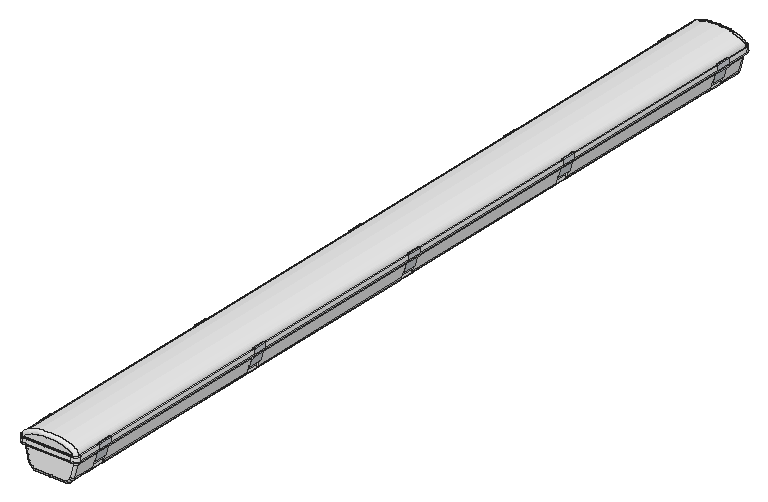
Revit family "0048627 Feilo Sylvania Lighting Fixture SRT WTRPRF LED G3 1500MM T 4K MW", category Lighting Fixtures, host Face, Revit 2016
Family settings
  Host = Face
  Part Type = Normal
  Round Connector Dimension = Use Diameter
  OmniClass Number = 23.80.70.11.14
  OmniClass Title = General Luminaries, Directional
  Cut with Voids When Loaded = No
  Light Source = Yes
  Shared = No
  Room Calculation Point = No
Parameters (values of type "0048627 SRT WTRPRF LED G3 1500MM T 4K MW")
  Width = 110 mm
  Weight = "2.45 kg"
  Wattage Comments = "n/a"
  Wattage = 61 W
  WarrantyStartDate [instance] = "n/a"
  WarrantyGuarantorParts = "n/a"
  WarrantyDurationUnit = "n/a"
  WarrantyDurationParts = "n/a"
  WarrantyDescription = "n/a"
  built-in parameter 1150110 = 1 (stored number, unit not read)
  Voltage = 230 V
  URL = "http://www.sylvania-lighting.com"
  TypeName = "SRT WTRPRF LED G3 1500MM T 4K MW"
  Type Image = <None>
  Type Comments = "n/a"
  built-in parameter 1114217 = 1 (stored number, unit not read)
  Tilt Angle = -90.00°
  built-in parameter 1150109 = 1 (stored number, unit not read)
  built-in parameter 1150134 = 12
  built-in parameter 1150113 = 1 (stored number, unit not read)
  SerialNumber [instance] = "n/a"
  ReflectorMaterial = none
  PowerFactor = 0
  PowerConsumption = "61 W"
  Photometric Web File = "0048627.ies"
  NominalWidth = 0 mm
  NominalLength = 1578 mm
  NominalHeight = 78 mm
  Name = "SRT WTRPRF LED G3 1500MM T 4K MW"
  ModelReference = "SRT WTRPRF LED G3 1500MM T 4K MW"
  ModelNumber = "0048627"
  Model = "SRT WTRPRF LED G3 1500MM T 4K MW"
  Material = "polycarbonate housing, polycarbonate diffuser"
  ManufacturerName = "Feilo Sylvania"
  Manufacturer = "Feilo Sylvania"
  LuminousEfficacy = "120 lm/W"
  built-in parameter 1150105 = 582.51 (stored number, unit not read)
  Lumens = 7320 lm
  LuminaireType = ""
  built-in parameter 1150115 = 1 (stored number, unit not read)
  LightOutputRatio = "n/a"
  built-in parameter 1150137 = (empty or 0)
  built-in parameter 1150139 = (empty or 0)
  Length = 1572 mm
  LampsType = Lamp  # "LED"
  LampNominalLuminous = "7300 lm"
  LampMacAdamStep = "3"
  LampColourTemperature = "4000 K"
  LampColourRenderingIndex = "80"
  built-in parameter 1150112 = 1 (stored number, unit not read)
  built-in parameter 1150114 = 1 (stored number, unit not read)
  Lamp = "LED"
  Keynote = "16500"
  InstallationDate [instance] = "n/a"
  InputVoltage = "220-240V~"
  InputNominalFrequency = "50/60 Hz"
  built-in parameter 1150132 = (empty or 0)
  built-in parameter 1150102 = (empty or 0)
  built-in parameter 1150107 = 4000 (stored number, unit not read)
  built-in parameter 1150138 = (empty or 0)
  IngressProtection = "IP65"
  ImpactProtectionIndex = "IK08"
  built-in parameter 1150106 = 5.8251 (stored number, unit not read)
  IfcExportType = "IfcLightFixtureType"
  IfcExportAs = "IfcLightFixtureType"
  ExpectedLife = 50000
  Emit from Rectangle Width = Width - 20 mm  # 90 mm
  Emit from Rectangle Length = Length - 20 mm  # 1552 mm
  Emit Shape Visible in Rendering = no
  ElectricShockClassification = "Class I"
  built-in parameter 1150104 = 11.148 (stored number, unit not read)
  DurationUnit = "hours"
  DocumentationLiterature = "http://www.sylvania-lighting.com/product/en-int/products/0048627"
  DimmingControlOptions = "Non dimmable"
  Dimming Lamp Color Temperature Shift = <None>
  DiffuserMaterial = Diffuser-Sylvania-Transparent
  Description = "Start Waterproof, integrated LED weatherporof luminaire, with UV stabilized flat diffuser and linear prisms designed to achieve uniform lit appearance, optimise light output and to reduce glare, stainless steel diffuser clips and fixing brackets for surface mounting. Polycarbonate housing, Polycarbonate diffuser, 7300lm, 61W, 120lm/W, 4000K, drive current 1050mA, MW On/Off,  CRI80, IP65, IK08, Class I,  nominal average life (h):50000, 1578mm x 110mm x 78mm ,energy class: A++ A+ A"
  Default Elevation = 1219.2 mm
  CreatedOn = "3/27/2018"
  CreatedBy = "aron.fodor@feilosylvania.com"
  Cost = 0
  Color Filter = 16777215
  built-in parameter 1114216 [instance] = (empty or 0)
  ClassificationValue = "EF_70_80"
  ClassificationName = "Uniclass2015"
  BodyMaterial = Body-Sylvania-Gray
  BarCode [instance] = "n/a"
  built-in parameter 1114218 = 1 (stored number, unit not read)
  built-in parameter 1150133 = 10 (stored number, unit not read)
  AssetType = "Fixed"
  AssetIdentifier [instance] = "n/a"
  Assembly Code = "D5020200"
  Apparent Load = 61 VA
  AccessoryMaterial = Diffuser-Sylvania-Glow
Reference planes
  plane 1 "Center (Front/Back)": y = 0
  plane 2: z = 0
  plane 3 "Center (Left/Right)": x = 0
  plane 4: z = 54
  plane 5: x = -27.7
  plane 6: x = -34.8
  plane 7: x = -39.6
  plane 8: x = -42.2
  plane 9: z = 3
  plane 10: z = 7.8
  plane 11: z = 12.3
  plane 12: z = 36.6
  plane 13: z = 42.8
  plane 14: x = -51.1
  plane 15: z = 46.2
  plane 16: x = -55
  plane 17: y = 786
  plane 18: y = -786
  plane 19: x = 27.7
  plane 20: x = 34.8
  plane 21: x = 39.6
  plane 22: x = 42.2
  plane 23: x = 51.1
  plane 24: x = 55
  plane 25: y = 778.4
  plane 26: y = -778.4
  plane 27: y = -774.7
  plane 28: y = 774.7
  plane 29: z = 74
  plane 30: x = -51.5
  plane 31: x = 51.5
  plane 32: z = 55.2
  plane 33: y = -782.5
  plane 34: y = 782.5
  plane 35: x = -37.5
  plane 36: x = 37.5
  plane 37: x = -48.7
  plane 38: x = 48.7
  plane 39: x = 18
  plane 40: x = -18
  plane 41: z = 50.2
  plane 42: z = 24.6
  plane 43: y = 720
  plane 44: y = 706
  plane 45: y = 734
  plane 46: y = -720
  plane 47: y = 720
  plane 48: y = 706
  plane 49: y = 734
  plane 50: y = -720
  plane 51: y = -734
  plane 52: y = -706
  plane 53: y = 360
  plane 54: y = 346
  plane 55: y = 374
  plane 56: y = 0
  plane 57: y = -14
  plane 58: y = 14
  plane 59: y = -360
  plane 60: y = -374
  plane 61: y = -346
Forms (mm)
  Sweep 1, solid, material "Body-Sylvania-Gray" <- "BodyMaterial", detail levels medium+fine
    path origin (1223.4, -4572, 54) x (0, -1, 0) y (1, 0, 0)
      loop
        arc (-3796, -1278.4) -> (-3788.929, -1275.471) -> (-3786, -1268.4) r 10
        line (-3786, -1268.4) -> (-3786, -1178.4)
        arc (-3786, -1178.4) -> (-3788.929, -1171.329) -> (-3796, -1168.4) r 10
        line (-3796, -1168.4) -> (-5348, -1168.4)
        arc (-5348, -1168.4) -> (-5355.071, -1171.329) -> (-5358, -1178.4) r 10
        line (-5358, -1178.4) -> (-5358, -1268.4)
        arc (-5358, -1268.4) -> (-5355.071, -1275.471) -> (-5348, -1278.4) r 10
        line (-5348, -1278.4) -> (-3796, -1278.4)
    profile origin (-55, 0, 54) x (-1, 0, 0) y (0, 0, 1)
      loop
        line (0, 0) -> (-1, 0) -> (-1, -7.726)
        arc (-1, -7.726) -> (-1.994, -9.498) -> (-3.9, -10.2) r 2.937
        line (-3.9, -10.2) -> (-8.571, -10.2) -> (-8.571, -11.2) -> (-3.9, -11.2)
        arc (-3.9, -11.2) -> (-1.313, -10.231) -> (0, -7.8) r 3.937
        line (0, -7.8) -> (0, 0)
  Sweep 2, solid, material "Body-Sylvania-Gray" <- "BodyMaterial", detail levels medium+fine
    path origin (0, 0, 0) x (1, 0, 0) y (0, 0, 1)
      loop
        line (48.7, 42.8) -> (48.7, 36.6) -> (42.203, 12.31)
        arc (42.203, 12.31) -> (41.199, 9.884) -> (39.6, 7.8) r 10.052
        line (39.6, 7.8) -> (34.8, 3)
        arc (34.8, 3) -> (31.554, 0.781) -> (27.7, 0) r 9.902
        line (27.7, 0) -> (0, 0) -> (-27.7, 0)
        arc (-27.7, 0) -> (-31.554, 0.781) -> (-34.8, 3) r 9.902
        line (-34.8, 3) -> (-39.6, 7.8)
        arc (-39.6, 7.8) -> (-41.199, 9.884) -> (-42.203, 12.31) r 10.052
        line (-42.203, 12.31) -> (-48.7, 36.6) -> (-48.7, 42.8)
    profile origin (0, 0, 0) x (0, 0, -1) y (0, -1, 0)
      loop
        arc (0, 773.4) -> (-1.464, 776.936) -> (-5, 778.4) r 5
        line (-5, 778.4) -> (-7.8, 778.4) -> (-7.8, -778.4) -> (-5, -778.4)
        arc (-5, -778.4) -> (-1.464, -776.936) -> (0, -773.4) r 5
        line (0, -773.4) -> (0, 773.4)
  Extrusion 3, solid, material "Body-Sylvania-Gray" <- "BodyMaterial", detail levels medium+fine
    sketch origin (1524, 778.4, 1219.2) x (1, 0, 0) y (0, 0, 1)
      loop
        arc (-1558.668, -1204.874) -> (-1558.443, -1205.418) -> (-1558.085, -1205.885) r 2.252
        line (-1558.085, -1205.885) -> (-1553.231, -1210.738)
        arc (-1553.231, -1210.738) -> (-1552.534, -1211.227) -> (-1551.7, -1211.4) r 2.102
        line (-1551.7, -1211.4) -> (-1496.3, -1211.4)
        arc (-1496.3, -1211.4) -> (-1495.466, -1211.227) -> (-1494.769, -1210.738) r 2.102
        line (-1494.769, -1210.738) -> (-1489.915, -1205.885)
        arc (-1489.915, -1205.885) -> (-1489.557, -1205.418) -> (-1489.332, -1204.874) r 2.252
        line (-1489.332, -1204.874) -> (-1483.1, -1181.575) -> (-1483.1, -1176.4) -> (-1564.9, -1176.4) -> (-1564.9, -1181.575) -> (-1558.668, -1204.874)
    from 0 to 1556.8
  Sweep 4, solid, material "Diffuser-Sylvania-Transparent" <- "DiffuserMaterial", detail levels medium+fine
    path origin (0, 0, 0) x (1, 0, 0) y (0, 0, 1)
      loop
        spline (-51.5, 55.2) -> (-49.745, 60.066) -> (-44.6, 64.6) -> (-36.416, 68.494) -> (-25.75, 71.481) -> (-13.329, 73.359) -> (0, 74) -> (13.329, 73.359) -> (25.75, 71.481) -> (36.416, 68.494) -> (44.6, 64.6) -> (49.745, 60.066) -> (51.5, 55.2)
    profile origin (51.5, 0, 55.2) x (0, -1, 0) y (1, 0, 0)
      loop
        arc (782.5, -5.5) -> (780.889, -1.611) -> (777, 0) r 5.5
        line (777, 0) -> (-777, 0)
        arc (-777, 0) -> (-780.889, -1.611) -> (-782.5, -5.5) r 5.5
        line (-782.5, -5.5) -> (-782.5, -6.3) -> (-781.5, -6.3) -> (-781.5, -5.5)
        arc (-781.5, -5.5) -> (-780.182, -2.318) -> (-777, -1) r 4.5
        line (-777, -1) -> (777, -1)
        arc (777, -1) -> (780.182, -2.318) -> (781.5, -5.5) r 4.5
        line (781.5, -5.5) -> (781.5, -6.347) -> (782.5, -6.347) -> (782.5, -5.5)
  Extrusion 5, solid, material "Diffuser-Sylvania-Transparent" <- "DiffuserMaterial", detail levels medium+fine
    sketch origin (1524, -782.5, 1219.2) x (1, 0, 0) y (0, 0, 1)
      loop
        line (-1569.653, -1164) -> (-1478.347, -1164)
        spline (-1478.347, -1164) -> (-1478.969, -1162.594) -> (-1482.527, -1159.545) -> (-1489.588, -1156.201) -> (-1499.458, -1153.445) -> (-1511.242, -1151.663) -> (-1524, -1151.049) -> (-1536.758, -1151.663) -> (-1548.542, -1153.445) -> (-1558.412, -1156.201) -> (-1565.473, -1159.545) -> (-1569.031, -1162.594) -> (-1569.653, -1164)
    from 0 to -1
  Extrusion 6, solid, material "Diffuser-Sylvania-Transparent" <- "DiffuserMaterial", detail levels medium+fine
    sketch origin (1524, 782.5, 1219.2) x (1, 0, 0) y (0, 0, 1)
      loop
        spline (-1478.3, -1164) -> (-1478.931, -1162.565) -> (-1482.502, -1159.505) -> (-1489.572, -1156.155) -> (-1499.446, -1153.394) -> (-1511.236, -1151.614) -> (-1524, -1151.007) -> (-1536.764, -1151.614) -> (-1548.554, -1153.394) -> (-1558.428, -1156.155) -> (-1565.498, -1159.505) -> (-1569.069, -1162.565) -> (-1569.7, -1164)
        line (-1569.7, -1164) -> (-1478.3, -1164)
    from 0 to 1
  Extrusion 7, solid, material "Diffuser-Sylvania-Transparent" <- "DiffuserMaterial", detail levels medium+fine
    sketch origin (1223.4, -4572, 55.2) x (0, -1, 0) y (-1, 0, 0)
      loop
        arc (-5353.5, 1177.4) -> (-5352.182, 1174.218) -> (-5349, 1172.9) r 4.5
        line (-5349, 1172.9) -> (-3795, 1172.9)
        arc (-3795, 1172.9) -> (-3791.818, 1174.218) -> (-3790.5, 1177.4) r 4.5
        line (-3790.5, 1177.4) -> (-3790.5, 1269.4)
        arc (-3790.5, 1269.4) -> (-3791.818, 1272.582) -> (-3795, 1273.9) r 4.5
        line (-3795, 1273.9) -> (-5349, 1273.9)
        arc (-5349, 1273.9) -> (-5352.182, 1272.582) -> (-5353.5, 1269.4) r 4.5
        line (-5353.5, 1269.4) -> (-5353.5, 1177.4)
      loop
        line (-5358, 1268.4) -> (-5358, 1178.4)
        arc (-5358, 1178.4) -> (-5355.071, 1171.329) -> (-5348, 1168.4) r 10
        line (-5348, 1168.4) -> (-3796, 1168.4)
        arc (-3796, 1168.4) -> (-3788.929, 1171.329) -> (-3786, 1178.4) r 10
        line (-3786, 1178.4) -> (-3786, 1268.4)
        arc (-3786, 1268.4) -> (-3788.929, 1275.471) -> (-3796, 1278.4) r 10
        line (-3796, 1278.4) -> (-5348, 1278.4)
        arc (-5348, 1278.4) -> (-5355.071, 1275.471) -> (-5358, 1268.4) r 10
    from 0 to 1.2
  Extrusion 8, solid, material "Diffuser-Sylvania-Glow" <- "AccessoryMaterial", detail levels fine
    sketch origin (0, 0, 0) x (1, 0, 0) y (0, 0, 1)
      loop
        circle (-18, 50.2) r 8
      loop
        circle (18, 50.2) r 8
    from -774.7 to 774.7
  Extrusion 9, void
    sketch origin (0, 720, 2343.807) x (0, 0, -1) y (-1, 0, 0)
      loop
        line (2340.807, -37.5) -> (2331.507, -37.5) -> (2319.207, -42.2) -> (2319.207, -48.7) -> (2340.807, -48.7) -> (2340.807, -37.5)
      loop
        line (2340.807, 37.5) -> (2340.807, 48.7) -> (2319.207, 48.7) -> (2319.207, 42.2) -> (2331.507, 37.5) -> (2340.807, 37.5)
    from -14 to 14
  Extrusion 10, solid, material "Body-Sylvania-Gray" <- "BodyMaterial", detail levels coarse
    sketch origin (0, 0, 0) x (1, 0, 0) y (0, 0, 1)
      loop
        line (55, 42.8) -> (55, 55.2) -> (-55, 55.2) -> (-55, 42.791) -> (-42.2, 0) -> (42.2, 0) -> (55, 42.8)
    from -786 to 786
  Extrusion 11, solid, material "Diffuser-Sylvania-Transparent" <- "DiffuserMaterial", detail levels coarse
    sketch origin (0, 0, 0) x (1, 0, 0) y (0, 0, 1)
      loop
        arc (51.5, 55.2) -> (0, 74) -> (-51.5, 55.2) r 79.939
        line (-51.5, 55.2) -> (51.5, 55.2)
    from 778.4 to -778.4
  Extrusion 12, void, not visible
    sketch origin (0, 720, 2343.807) x (0, 0, -1) y (-1, 0, 0)
      loop
        line (2340.807, -37.5) -> (2331.507, -37.5) -> (2319.207, -42.2) -> (2319.207, -48.7) -> (2340.807, -48.7) -> (2340.807, -37.5)
      loop
        line (2340.807, 37.5) -> (2340.807, 48.7) -> (2319.207, 48.7) -> (2319.207, 42.2) -> (2331.507, 37.5) -> (2340.807, 37.5)
    from -14 to 14
  Extrusion 13, void
    sketch origin (0, -720, 2343.807) x (0, 0, -1) y (-1, 0, 0)
      loop
        line (2340.807, -37.5) -> (2331.507, -37.5) -> (2319.207, -42.2) -> (2319.207, -48.7) -> (2340.807, -48.7) -> (2340.807, -37.5)
      loop
        line (2340.807, 37.5) -> (2340.807, 48.7) -> (2319.207, 48.7) -> (2319.207, 42.2) -> (2331.507, 37.5) -> (2340.807, 37.5)
    from -14 to 14
  Extrusion 14, void
    sketch origin (0, 360, 2343.807) x (0, 0, -1) y (-1, 0, 0)
      loop
        line (2340.807, -37.5) -> (2331.507, -37.5) -> (2319.207, -42.2) -> (2319.207, -48.7) -> (2340.807, -48.7) -> (2340.807, -37.5)
      loop
        line (2340.807, 37.5) -> (2340.807, 48.7) -> (2319.207, 48.7) -> (2319.207, 42.2) -> (2331.507, 37.5) -> (2340.807, 37.5)
    from -14 to 14
  Extrusion 15, void
    sketch origin (0, 0, 2343.807) x (0, 0, -1) y (-1, 0, 0)
      loop
        line (2340.807, -37.5) -> (2331.507, -37.5) -> (2319.207, -42.2) -> (2319.207, -48.7) -> (2340.807, -48.7) -> (2340.807, -37.5)
      loop
        line (2340.807, 37.5) -> (2340.807, 48.7) -> (2319.207, 48.7) -> (2319.207, 42.2) -> (2331.507, 37.5) -> (2340.807, 37.5)
    from -14 to 14
  Extrusion 16, void
    sketch origin (0, -360, 2343.807) x (0, 0, -1) y (-1, 0, 0)
      loop
        line (2340.807, -37.5) -> (2331.507, -37.5) -> (2319.207, -42.2) -> (2319.207, -48.7) -> (2340.807, -48.7) -> (2340.807, -37.5)
      loop
        line (2340.807, 37.5) -> (2340.807, 48.7) -> (2319.207, 48.7) -> (2319.207, 42.2) -> (2331.507, 37.5) -> (2340.807, 37.5)
    from -14 to 14
Cuts and joins
  Extrusion 9, Extrusion 13, Extrusion 14, Extrusion 15, Extrusion 16 cuts Sweep 2
  Extrusion 13, Extrusion 14, Extrusion 15, Extrusion 16 cuts Extrusion 3
  joined: Sweep 2, Extrusion 3
  joined: Sweep 4, Extrusion 5, Extrusion 6
Dimensions and locks
  locked: plane 4 to plane 2 at 54
  plane 5 to plane 6 to plane 7 to plane 8 to plane 14 to plane 16 = 7.1 mm locked, 4.8 mm locked, 2.6 mm locked, 8.9 mm, 3.9 mm
  plane 4 to plane 15 to plane 13 to plane 12 to plane 11 to plane 10 to plane 9 = 7.8 mm locked, 3.4 mm, 6.2 mm locked, 24.3 mm locked, 4.5 mm locked, 4.8 mm locked
  equal spacing: plane 18, plane 1 "Center (Front/Back)", plane 17
  "Length": plane 18 to plane 17
  plane 19 to plane 20 to plane 21 to plane 22 to plane 23 to plane 24 = 7.1 mm locked, 4.8 mm locked, 2.6 mm locked, 8.9 mm, 3.9 mm
  equal spacing: plane 24, plane 3 "Center (Left/Right)", plane 16
  "Width": plane 24 to plane 16
  equal spacing: plane 27, plane 1 "Center (Front/Back)", plane 28
  locked: plane 26 to plane 27 at 3.7
  locked: Sweep 1 sketch curve to profile plane at 1
  locked: Sweep 1 sketch curve to plane 13 at 1
  locked: Sweep 1 sketch curve to plane 13 at 3.937  (x2)
  locked: Sweep 1 sketch curve to profile plane at 3.9  (x2)
  locked: plane 29 to plane 4 at 20
  equal spacing: plane 31, plane 3 "Center (Left/Right)", plane 30
  locked: plane 30 to plane 16 at 3.5
  locked: plane 32 to plane 4 at 1.2
  equal spacing: plane 33, plane 1 "Center (Front/Back)", plane 34
  equal spacing: plane 36, plane 3 "Center (Left/Right)", plane 35
  locked: plane 3 "Center (Left/Right)" to plane 35 at 37.5
  locked: plane 34 to plane 17 at 3.5
  equal spacing: plane 38, plane 3 "Center (Left/Right)", plane 37
  locked: plane 37 to plane 16 at 6.3
  equal spacing: plane 25, plane 1 "Center (Front/Back)", plane 26
  locked: plane 17 to plane 25 at 7.6
  locked: Sweep 2 sketch curve to plane 2 at 5  (x2)
  locked: Sweep 2 sketch curve to plane 26 at 5
  locked: plane 25 to Sweep 2 sketch curve at 5
  locked: Sweep 4 sketch curve to plane 31 at 5.5  (x2)
  locked: Sweep 4 sketch curve to plane 34 at 5.5
  plane 33 to Sweep 4 sketch curve = 5.5 mm
  locked: plane 34 to Sweep 4 sketch curve at 1
  locked: Sweep 4 sketch curve to plane 31 at 1
  locked: Sweep 4 sketch curve to Sweep 4 sketch curve at 1
  locked: Sweep 4 sketch curve to plane 31 at 6.347
  locked: Sweep 4 sketch curve to plane 31 at 6.3
  equal spacing: plane 39, plane 3 "Center (Left/Right)", plane 40
  locked: plane 3 "Center (Left/Right)" to plane 40 at 18
  locked: plane 42 to plane 2 at 24.6
  plane 45 to plane 43 to plane 44 = 14 mm locked, 14 mm locked
  locked: plane 17 to plane 43 at 66
  equal spacing: plane 43, plane 1 "Center (Front/Back)", plane 46
  plane 49 to plane 47 to plane 48 = 14 mm locked, 14 mm locked
  plane 52 to plane 50 to plane 51 = 14 mm locked, 14 mm locked  (x2)
  equal spacing: group 1, group 6, group 7, group 8, group 5  (x2)
  equal spacing: group 5, group 8, group 7, group 6, group 1
  plane 55 to plane 53 to plane 54 = 14 mm locked, 14 mm locked  (x2)
  plane 58 to plane 56 to plane 57 = 14 mm locked, 14 mm locked  (x2)
  plane 61 to plane 59 to plane 60 = 14 mm locked, 14 mm locked  (x2)
  plane 43 to plane 53 to plane 1 "Center (Front/Back)" to plane 59 to plane 50 = 360 mm locked, 360 mm locked, 360 mm locked, 360 mm locked
  aligned and locked: plane 2 to host face
  aligned and locked: level to host face
  aligned and locked: plane 16 to Sweep 1 sketch curve
  aligned and locked: Sweep 1 sketch curve to plane 24
  aligned and locked: plane 18 to Sweep 1 sketch curve
  aligned and locked: Sweep 1 sketch curve to plane 13
  aligned and locked: profile plane to Sweep 1 sketch curve
  aligned and locked: plane 3 "Center (Left/Right)" to Sweep 2 sketch curve
  aligned and locked: plane 9 to Sweep 2 sketch curve
  aligned and locked: plane 10 to Sweep 2 sketch curve
  aligned and locked: plane 37 to Sweep 2 sketch curve
  aligned and locked: plane 12 to Sweep 2 sketch curve
  aligned and locked: Sweep 2 sketch curve to level
  aligned and locked: plane 21 to Sweep 2 sketch curve
  aligned and locked: plane 38 to Sweep 2 sketch curve
  aligned and locked: profile plane to Sweep 2 sketch curve
  aligned and locked: plane 25 to Sweep 2 sketch curve
  aligned and locked: Sweep 2 sketch curve to plane 10
  aligned and locked: Extrusion 3 sketch curve to Sweep 2  (x7)
  aligned and locked: Sweep 2 to Extrusion 3 sketch curve
  aligned and locked: Extrusion 3 to plane 25
  aligned and locked: plane 26 to Extrusion 3
  aligned and locked: plane 32 to Sweep 4 sketch curve
  aligned and locked: plane 33 to Sweep 4 sketch curve
  aligned and locked: Sweep 4 to Extrusion 5
  aligned and locked: plane 33 to Extrusion 5
  aligned and locked: Extrusion 5 sketch curve to Sweep 4
  aligned and locked: cut or joined group of Sweep 4, Extrusion 5, Extrusion 6 to Extrusion 6 sketch curve
  aligned and locked: Extrusion 7 sketch curve to cut or joined group of Sweep 4, Extrusion 5, Extrusion 6  (x2)
  aligned and locked: cut or joined group of Sweep 4, Extrusion 5, Extrusion 6 to Extrusion 7 sketch curve  (x2)
  aligned and locked: plane 41 to Extrusion 8 sketch curve  (x2)
  aligned and locked: plane 39 to Extrusion 8 sketch curve
  aligned and locked: plane 27 to Extrusion 8
  aligned and locked: Extrusion 8 to plane 28
  aligned and locked: Extrusion 9 to plane 42
  aligned and locked: plane 9 to Extrusion 9
  aligned and locked: plane 44 to Extrusion 9
  aligned and locked: Extrusion 9 to plane 45
  aligned and locked: Extrusion 7 sketch curve to Sweep 1  (x4)
  aligned and locked: plane 4 to Extrusion 7
  aligned and locked: Extrusion 7 to plane 32
  aligned and locked: nested 2 to plane 43
  aligned and locked: plane 43 to nested 1
  aligned and locked: Extrusion 10 sketch curve to plane 24
  aligned and locked: Extrusion 10 sketch curve to Extrusion 7
  aligned and locked: plane 8 to Extrusion 10 sketch curve
  aligned and locked: plane 22 to Extrusion 10 sketch curve
  aligned and locked: level to Extrusion 10 sketch curve
  aligned and locked: Extrusion 10 to plane 17
  aligned and locked: plane 18 to Extrusion 10
  aligned and locked: cut or joined group of Sweep 4, Extrusion 5, Extrusion 6 to Extrusion 11 sketch curve
  aligned and locked: Extrusion 11 sketch curve to cut or joined group of Sweep 4, Extrusion 5, Extrusion 6  (x2)
  aligned and locked: plane 31 to Extrusion 11 sketch curve
  aligned and locked: plane 30 to Extrusion 11 sketch curve
  aligned and locked: plane 26 to Extrusion 11
  aligned and locked: Extrusion 11 to plane 25
  aligned and locked: imposter light to plane 29
  aligned and locked: plane 3 "Center (Left/Right)" to imposter light
  aligned and locked: plane 1 "Center (Front/Back)" to imposter light
  aligned and locked: plane 51 to Extrusion 13
  aligned and locked: Extrusion 13 to plane 52
  aligned and locked: plane 54 to Extrusion 14
  aligned and locked: Extrusion 14 to plane 55
  aligned and locked: plane 57 to Extrusion 15
  aligned and locked: Extrusion 15 to plane 58
  aligned and locked: plane 60 to Extrusion 16
  aligned and locked: Extrusion 16 to plane 61
  aligned and locked: nested 3 to plane 53
  aligned and locked: plane 53 to nested 10
  aligned and locked: nested 4 to plane 56
  aligned and locked: plane 56 to nested 9
  aligned and locked: nested 5 to plane 59
  aligned and locked: plane 59 to nested 8
  aligned and locked: nested 6 to plane 50
  aligned and locked: plane 50 to nested 7
Automatic sketch dimensions
  host sketch curve to host sketch curve = 2438.4 mm  (x2)
  plane 17 to Sweep 1 sketch curve = 0 mm
  Sweep 1 sketch curve to plane 28 = 1.3 mm
  Sweep 1 sketch curve to plane 7 = 5.4 mm
  plane 27 to Sweep 1 sketch curve = 1.3 mm  (x2)
  Sweep 1 sketch curve to Sweep 1 sketch curve = 4.671 mm
  Sweep 1 sketch curve to plane 4 = 0 mm
  Sweep 2 sketch curve to plane 7 = 0 mm
  Sweep 2 sketch curve to plane 6 = 0 mm
  Sweep 2 sketch curve to plane 5 = 0 mm
  plane 19 to Sweep 2 sketch curve = 0 mm
  Sweep 2 sketch curve to plane 9 = 0 mm
  plane 20 to Sweep 2 sketch curve = 0 mm
  Sweep 2 sketch curve to plane 12 = 0 mm
  Sweep 2 sketch curve to plane 10 = 0 mm
  Sweep 2 sketch curve to plane 13 = 0 mm  (x2)
  Sweep 2 sketch curve to plane 8 = 0.003 mm
  plane 6 to Sweep 2 sketch curve = 2.308 mm
  plane 20 to Sweep 2 sketch curve = 2.308 mm
  Sweep 2 sketch curve to plane 22 = 0.003 mm
  Sweep 2 sketch curve to plane 11 = 0.01 mm  (x2)
  Extrusion 3 sketch curve to plane 5 = 0 mm
  plane 19 to Extrusion 3 sketch curve = 0 mm
  plane 6 to Extrusion 3 sketch curve = 0.132 mm
  plane 6 to Extrusion 3 sketch curve = 0.715 mm
  Extrusion 3 sketch curve to Extrusion 3 sketch curve = 1.592 mm
  Extrusion 3 sketch curve to plane 10 = 0.662 mm  (x2)
  plane 20 to Extrusion 3 sketch curve = 2.308 mm
  plane 20 to Extrusion 3 sketch curve = 0.715 mm
  plane 20 to Extrusion 3 sketch curve = 0.132 mm
  Sweep 4 sketch curve to plane 30 = 0 mm
  Sweep 4 sketch curve to plane 3 "Center (Left/Right)" = 0 mm
  Sweep 4 sketch curve to Sweep 4 sketch curve = 0 mm  (x2)
  plane 37 to Extrusion 5 sketch curve = 3.047 mm
  Extrusion 5 sketch curve to plane 38 = 3.047 mm
  plane 37 to Extrusion 6 sketch curve = 3 mm
  Extrusion 6 sketch curve to plane 38 = 3 mm
  plane 25 to Extrusion 7 sketch curve = 1.4 mm  (x2)
  Extrusion 7 sketch curve to plane 26 = 1.4 mm  (x2)
  Extrusion 8 sketch curve to plane 40 = 0 mm
  Extrusion 9 sketch curve to Extrusion 9 sketch curve = 0 mm
  Extrusion 9 sketch curve to Extrusion 9 sketch curve = 12.3 mm  (x2)
  Extrusion 9 sketch curve to Extrusion 9 sketch curve = 9.3 mm  (x2)
  Extrusion 9 sketch curve to Extrusion 9 sketch curve = 6.5 mm
  Extrusion 9 sketch curve to Extrusion 9 sketch curve = 4.7 mm  (x2)
  Extrusion 9 sketch curve to Extrusion 9 sketch curve = 75 mm
  Extrusion 9 sketch curve to Extrusion 9 sketch curve = 11.2 mm
  Extrusion 10 sketch curve to plane 13 = 0 mm
  plane 13 to Extrusion 10 sketch curve = 0.009 mm
  Extrusion 11 sketch curve to level = 5.939 mm
  Extrusion 10 sketch curve to plane 16 = 0 mm
  Extrusion 12 sketch curve to Extrusion 12 sketch curve = 0 mm
  Extrusion 12 sketch curve to Extrusion 12 sketch curve = 12.3 mm  (x2)
  Extrusion 12 sketch curve to Extrusion 12 sketch curve = 9.3 mm  (x2)
  Extrusion 12 sketch curve to Extrusion 12 sketch curve = 6.5 mm
  Extrusion 12 sketch curve to Extrusion 12 sketch curve = 4.7 mm  (x2)
  Extrusion 12 sketch curve to Extrusion 12 sketch curve = 75 mm
  Extrusion 12 sketch curve to Extrusion 12 sketch curve = 11.2 mm
  Extrusion 13 sketch curve to Extrusion 13 sketch curve = 0 mm
  Extrusion 13 sketch curve to Extrusion 13 sketch curve = 12.3 mm  (x2)
  Extrusion 13 sketch curve to Extrusion 13 sketch curve = 9.3 mm  (x2)
  Extrusion 13 sketch curve to Extrusion 13 sketch curve = 6.5 mm
  Extrusion 13 sketch curve to Extrusion 13 sketch curve = 4.7 mm  (x2)
  Extrusion 13 sketch curve to Extrusion 13 sketch curve = 75 mm
  Extrusion 13 sketch curve to Extrusion 13 sketch curve = 11.2 mm
  Extrusion 14 sketch curve to Extrusion 14 sketch curve = 0 mm
  Extrusion 14 sketch curve to Extrusion 14 sketch curve = 12.3 mm  (x2)
  Extrusion 14 sketch curve to Extrusion 14 sketch curve = 9.3 mm  (x2)
  Extrusion 14 sketch curve to Extrusion 14 sketch curve = 6.5 mm
  Extrusion 14 sketch curve to Extrusion 14 sketch curve = 4.7 mm  (x2)
  Extrusion 14 sketch curve to Extrusion 14 sketch curve = 75 mm
  Extrusion 14 sketch curve to Extrusion 14 sketch curve = 11.2 mm
  Extrusion 15 sketch curve to Extrusion 15 sketch curve = 0 mm
  Extrusion 15 sketch curve to Extrusion 15 sketch curve = 12.3 mm  (x2)
  Extrusion 15 sketch curve to Extrusion 15 sketch curve = 9.3 mm  (x2)
  Extrusion 15 sketch curve to Extrusion 15 sketch curve = 6.5 mm
  Extrusion 15 sketch curve to Extrusion 15 sketch curve = 4.7 mm  (x2)
  Extrusion 15 sketch curve to Extrusion 15 sketch curve = 75 mm
  Extrusion 15 sketch curve to Extrusion 15 sketch curve = 11.2 mm
  Extrusion 16 sketch curve to Extrusion 16 sketch curve = 0 mm
  Extrusion 16 sketch curve to Extrusion 16 sketch curve = 12.3 mm  (x2)
  Extrusion 16 sketch curve to Extrusion 16 sketch curve = 9.3 mm  (x2)
  Extrusion 16 sketch curve to Extrusion 16 sketch curve = 6.5 mm
  Extrusion 16 sketch curve to Extrusion 16 sketch curve = 4.7 mm  (x2)
  Extrusion 16 sketch curve to Extrusion 16 sketch curve = 75 mm
  Extrusion 16 sketch curve to Extrusion 16 sketch curve = 11.2 mm
  radius of Extrusion 8 sketch curve = 8 mm  (x2)
Nested families
  nested 1: "Clip" at (42.2, 720, 24.6), type "Clip", detail levels fine
  nested 2: "Clip" at (-42.2, 720, 24.6) x (-1, 0, 0) z (0, 0, 1), type "Clip", detail levels fine
  nested 3: "Clip" at (-42.2, 360, 24.6) x (-1, 0, 0) z (0, 0, 1), type "Clip", detail levels fine
  nested 4: "Clip" at (-42.2, 0, 24.6) x (-1, 0, 0) z (0, 0, 1), type "Clip", detail levels fine
  nested 5: "Clip" at (-42.2, -360, 24.6) x (-1, 0, 0) z (0, 0, 1), type "Clip", detail levels fine
  nested 6: "Clip" at (-42.2, -720, 24.6) x (-1, 0, 0) z (0, 0, 1), type "Clip", detail levels fine
  nested 7: "Clip" at (42.2, -720, 24.6), type "Clip", detail levels fine
  nested 8: "Clip" at (42.2, -360, 24.6), type "Clip", detail levels fine
  nested 9: "Clip" at (42.2, 0, 24.6), type "Clip", detail levels fine
  nested 10: "Clip" at (42.2, 360, 24.6), type "Clip", detail levels fine
Connectors
  electrical at (0, 0, 0), driven by "Apparent Load"
    settings: index 1, voltage 230 V, apparent load 61 VA, apparent load phase1 0 VA, apparent load phase2 0 VA, apparent load phase3 0 VA, power factor 0, load classification "Lighting", number of poles 1, system type 30, power factor state 1, is connector primary yes, connector utility no, sub classification motor no, connector description ""
Definition of nested family "Clip"
  Parameters (values of type "Clip")
    URL = "http://www.feilosylvania.com"
    Type Comments = "n/a"
    Model = "n/a"
    Manufacturer = "Feilo Sylvania"
    Keynote = "n/a"
    Description = "n/a"
    Default Elevation = 1219.2 mm
    Cost = 0
    BodyMaterial = none
    Assembly Code = "n/a"
  Reference planes
    plane 1 "Center (Front/Back)": y = 0
    plane 2: z = 0
    plane 3 "Center (Left/Right)": x = 0
    plane 4: x = 3.3
    plane 5: x = 6.5
    plane 6: x = 8.9
    plane 7: x = 12.8
    plane 8: z = 12
    plane 9: z = 18.2
    plane 10: z = 21.6
    plane 11: z = 30.6
    plane 12: x = 9.3
    plane 13: z = 19.2
    plane 14: z = 16.2
    plane 15: x = 10.1
    plane 16: y = 12
    plane 17: y = -12
  Forms (mm)
    Extrusion 1, solid
      sketch origin (-0.8, 0, 0) x (1, 0, 0) y (0, 1, 0)
        loop
          line (-1219.2, 1219.2) -> (-1219.2, -1219.2) -> (1219.2, -1219.2) -> (1219.2, 1219.2) -> (-1219.2, 1219.2)
      from 0 to -304.8
    Extrusion 2, solid
      sketch origin (0, 0, 0) x (1, 0, 0) y (0, 0, 1)
        loop
          line (8.9, 16.2) -> (4.58, 0) -> (0, 0) -> (0, -0.8) -> (5.195, -0.8) -> (9.603, 15.731) -> (13.6, 18.806) -> (13.6, 30.6)
          arc (13.6, 30.6) -> (11.45, 32.75) -> (9.3, 30.6) r 2.15
          line (9.3, 30.6) -> (10.1, 30.6)
          arc (10.1, 30.6) -> (11.45, 31.95) -> (12.8, 30.6) r 1.35
          line (12.8, 30.6) -> (12.8, 19.2) -> (8.9, 16.2)
      from -12 to 12
  Lines and regions (mm)
    reference lines
      curve 1: line (3.3, 0, 0) -> (6.5, 0, 12)
      curve 2: arc (8.9, 0, 18.2) -> (11.488, 0, 19.169) -> (12.8, 0, 21.6) r 3.934
  Dimensions and locks
    plane 7 to plane 6 to plane 5 to plane 4 to plane 3 "Center (Left/Right)" = 3.9 mm locked, 2.4 mm locked, 3.2 mm locked, 3.3 mm locked
    plane 11 to plane 10 to plane 9 to plane 8 to plane 2 = 9 mm locked, 3.4 mm locked, 6.2 mm locked, 12 mm locked
    locked: plane 7 to plane 12 at 3.5
    locked: plane 13 to plane 9 at 1
    locked: plane 9 to plane 14 at 2
    locked: plane 15 to plane 12 at 0.8
    locked: plane 2 to Extrusion 2 sketch curve at 0.8
    locked: Extrusion 2 sketch curve to Extrusion 2 sketch curve at 0.8  (x3)
    locked: plane 7 to Extrusion 2 sketch curve at 1.35
    equal spacing: plane 17, plane 1 "Center (Front/Back)", plane 16
    locked: plane 1 "Center (Front/Back)" to plane 16 at 12
    aligned and locked: plane 2 to Extrusion 1
    aligned and locked: level to Extrusion 1
    aligned and locked: plane 4 to curve 1
    aligned and locked: plane 5 to curve 1
    aligned and locked: plane 6 to curve 2
    aligned and locked: plane 10 to curve 2
    aligned and locked: plane 14 to Extrusion 2 sketch curve
    aligned and locked: plane 13 to Extrusion 2 sketch curve
    aligned and locked: plane 7 to Extrusion 2 sketch curve
    aligned and locked: plane 3 "Center (Left/Right)" to Extrusion 2 sketch curve
    aligned and locked: Extrusion 2 sketch curve to level
    aligned and locked: Extrusion 2 sketch curve to plane 11
    aligned and locked: plane 11 to Extrusion 2 sketch curve
    aligned and locked: Extrusion 2 to plane 16
    aligned and locked: plane 17 to Extrusion 2
  Automatic sketch dimensions
    Extrusion 1 sketch curve to Extrusion 1 sketch curve = 2438.4 mm  (x2)
    curve 2 to plane 7 = 0 mm
    curve 1 to level = 0 mm
    curve 1 to plane 8 = 0 mm
    curve 2 to plane 9 = 0 mm
    plane 6 to curve 2 = 0.002 mm
    Extrusion 2 sketch curve to Extrusion 2 sketch curve = 0 mm
    Extrusion 2 sketch curve to plane 6 = 0 mm
    plane 4 to Extrusion 2 sketch curve = 1.28 mm
